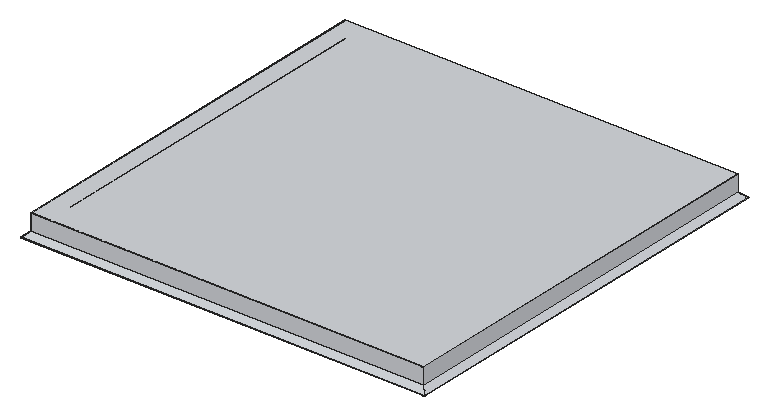
Revit family "Insulated Curb Cover", category Mechanical Equipment, Revit 2015
Parameters
  URL = "https://unitedenertech.com/catalog/pdf/M_15%20INSULATED%20CURB%20COVER.pdf"
  Type Comments = "Consult Factory for Max. Sizes"
  Model = "Insulated Curb Cover"
  Manufacturer = "United Enertech Corporation"
  Description = "Insulated Curb Cover"
  B Side Base I.D. = 3' - 0"
  A Side Base I.D. = 3' - 0"
Reference planes (in)
  plane 1 "Center (Front/Back)": y = 0
  plane 2: z = 0
  plane 3 "Center (Left/Right)": x = 0
  plane 4: x = -18
  plane 5: x = 18
  plane 6: y = -18
  plane 7: y = 18
  plane 8: x = -18.0478
  plane 9: y = -18.0478
  plane 10: x = 18.0478
  plane 11: y = 18.0478
  plane 12: z = 2
  plane 13: z = 0.5
  plane 14: z = 1.9522
  plane 15: x = -18.5478
  plane 16: y = -18.5478
  plane 17: x = 18.5478
  plane 18: y = 18.5478
  plane 19: z = 1.5772
  plane 20: y = 19.0478
  plane 21: y = -19.0478
  plane 22: x = -19.0478
  plane 23: x = 19.0478
Forms (in)
  Extrusion 1, solid
    sketch origin (0, 0, 0) x (1, 0, 0) y (0, 0, 1)
      loop
        line (-18.54622, 0.00144) -> (-18, 0.5) -> (-18, 1.9522) -> (-18.0478, 1.9522) -> (-18.0478, 0.51984) -> (-18.5794, 0.03462) -> (-18.54622, 0.00144)
    from -18.5478 to 18.5478
  Extrusion 2, solid
    sketch origin (0, 0, 0) x (-1, 0, 0) y (0, 0, -1)
      loop
        line (-18.54622, -0.00144) -> (-18.5794, -0.03462) -> (-18.0478, -0.51984) -> (-18.0478, -1.9522) -> (-18, -1.9522) -> (-18, -0.5) -> (-18.54622, -0.00144)
    from -18.5478 to 18.5478
  Extrusion 3, solid
    sketch origin (0, 0, 0) x (0, 1, 0) y (0, 0, 1)
      loop
        line (-18, 1.9522) -> (-18.0478, 1.9522) -> (-18.0478, 0.51988) -> (-18.58098, 0.03462) -> (-18.5478, 0.00144) -> (-18, 0.5) -> (-18, 1.9522)
    from -18.5478 to 18.5478
  Extrusion 4, solid
    sketch origin (0, 0, 0) x (0, -1, 0) y (0, 0, -1)
      loop
        line (-18, -1.9522) -> (-18, -0.5) -> (-18.5478, -0.00144) -> (-18.58098, -0.03462) -> (-18.0478, -0.51988) -> (-18.0478, -1.9522) -> (-18, -1.9522)
    from -18.5478 to 18.5478
  Extrusion 5, void
    sketch origin (-93.15685, -31.93875, 0) x (1, 0, 0) y (0, 1, 0)
      loop
        line (106.5478, 18.5478) -> (112.20465, 12.89095) -> (112.20465, 18.5478) -> (106.5478, 18.5478)
    from -1.29054 to 3.19849
  Extrusion 6, void
    sketch origin (-125.5956, 0.5, 0) x (1, 0, 0) y (0, 1, 0)
      loop
        line (106.5478, 18.5478) -> (112.20465, 12.89095) -> (112.20465, 18.5478) -> (106.5478, 18.5478)
    from -3.18066 to 4.14355
  Extrusion 7, void
    sketch origin (-109.38054, -28.0092, 0) x (1, 0, 0) y (0, 1, 0)
      loop
        line (117.42834, 19.9614) -> (117.42834, 8.9614) -> (128.42834, 8.9614) -> (117.42834, 19.9614)
    from -1.13303 to 3.27725
  Extrusion 8, void
    sketch origin (-136.47614, -0.9136, 0) x (1, 0, 0) y (0, 1, 0)
      loop
        line (117.42834, 19.9614) -> (117.42834, 8.9614) -> (128.42834, 8.9614) -> (117.42834, 19.9614)
    from -1.68432 to 3.74977
  Extrusion 9, void
    sketch origin (-121.30312, -30.02453, 0) x (1, 0, 0) y (0, 1, 0)
      loop
        line (109.32639, 18.0478) -> (102.25532, 18.0478) -> (102.25532, 10.97673) -> (109.32639, 18.0478)
    from -1.13303 to 3.59226
  Extrusion 10, void
    sketch origin (-90.27859, 1, 0) x (1, 0, 0) y (0, 1, 0)
      loop
        line (109.32639, 18.0478) -> (102.25532, 18.0478) -> (102.25532, 10.97673) -> (109.32639, 18.0478)
    from -1.44805 to 3.51351
  Extrusion 11, void
    sketch origin (-116.53283, -32.26123, 0) x (1, 0, 0) y (0, 1, 0)
      loop
        line (105.97031, 21.69871) -> (97.48503, 13.21343) -> (105.97031, 13.21343) -> (105.97031, 21.69871)
    from -1.3693 to 3.82853
  Extrusion 12, void
    sketch origin (-86.92251, -2.65091, 0) x (1, 0, 0) y (0, 1, 0)
      loop
        line (105.97031, 21.69871) -> (97.48503, 13.21343) -> (105.97031, 13.21343) -> (105.97031, 21.69871)
    from -0.97552 to 3.04098
  Extrusion 13, solid, material "Rigid insulation"
    sketch origin (0, 0, 0) x (1, 0, 0) y (0, 1, 0)
      loop
        line (-18, -18) -> (18, -18) -> (18, 18) -> (-18, 18) -> (-18, -18)
    from 1.5772 to 1.9522
  Extrusion 14, solid
    sketch origin (0, 0, 0) x (1, 0, 0) y (0, 1, 0)
      loop
        line (-18.0478, -18.0478) -> (18.0478, -18.0478) -> (18.0478, 18.0478) -> (-18.0478, 18.0478) -> (-18.0478, -18.0478)
    from 1.9522 to 2
Cuts and joins
  Extrusion 6, Extrusion 11 cuts Extrusion 1
  Extrusion 5, Extrusion 9 cuts Extrusion 3
  Extrusion 8, Extrusion 12 cuts Extrusion 4
  Extrusion 7, Extrusion 10 cuts Extrusion 2
Dimensions and locks (in)
  equal spacing: plane 4, plane 3 "Center (Left/Right)", plane 5
  "A Side Base I.D.": plane 4 to plane 5
  equal spacing: plane 7, plane 1 "Center (Front/Back)", plane 6
  "B Side Base I.D.": plane 7 to plane 6
  locked: plane 6 to plane 9 at 0.0478
  locked: plane 11 to plane 7 at 0.0478
  locked: plane 8 to plane 4 at 0.0478
  locked: plane 5 to plane 10 at 0.0478
  locked: plane 12 to level at 2
  locked: plane 13 to level at 0.5
  locked: plane 12 to plane 14 at 0.0478
  locked: plane 9 to plane 16 at 0.5
  locked: plane 15 to plane 8 at 0.5
  locked: plane 11 to plane 18 at 0.5
  locked: plane 10 to plane 17 at 0.5
  locked: plane 14 to plane 19 at 0.375
  locked: plane 18 to plane 20 at 0.5
  locked: plane 21 to plane 16 at 0.5
  locked: plane 22 to plane 15 at 0.5
  locked: plane 17 to plane 23 at 0.5
  locked: Extrusion 5 sketch curve to Extrusion 5 sketch curve (angle 45.00°)  (x2)
  locked: Extrusion 6 sketch curve to Extrusion 6 sketch curve (angle 45.00°)  (x2)
  locked: Extrusion 7 sketch curve to Extrusion 7 sketch curve (angle 45.00°)  (x2)
  locked: Extrusion 8 sketch curve to Extrusion 8 sketch curve (angle 45.00°)  (x2)
  locked: Extrusion 9 sketch curve to Extrusion 9 sketch curve (angle 45.00°)  (x2)
  locked: Extrusion 10 sketch curve to Extrusion 10 sketch curve (angle 45.00°)  (x2)
  locked: Extrusion 11 sketch curve to Extrusion 11 sketch curve (angle 45.00°)  (x2)
  locked: Extrusion 12 sketch curve to Extrusion 12 sketch curve (angle 45.00°)  (x2)
  aligned and locked: level to plane 2
  aligned and locked: plane 4 to Extrusion 1 sketch curve
  aligned and locked: Extrusion 1 sketch curve to plane 8
  aligned and locked: plane 14 to Extrusion 1 sketch curve
  aligned and locked: plane 13 to Extrusion 1 sketch curve
  aligned and locked: Extrusion 2 sketch curve to plane 14
  aligned and locked: plane 5 to Extrusion 2 sketch curve
  aligned and locked: plane 10 to Extrusion 2 sketch curve
  aligned and locked: plane 13 to Extrusion 2 sketch curve
  aligned and locked: Extrusion 1 to plane 18
  aligned and locked: Extrusion 1 to plane 16
  aligned and locked: Extrusion 2 to plane 16
  aligned and locked: Extrusion 2 to plane 18
  aligned and locked: plane 16 to Extrusion 3 sketch curve
  aligned and locked: plane 6 to Extrusion 3 sketch curve  (x2)
  aligned and locked: plane 13 to Extrusion 3 sketch curve
  aligned and locked: plane 9 to Extrusion 3 sketch curve
  aligned and locked: Extrusion 3 sketch curve to plane 14
  aligned and locked: Extrusion 4 sketch curve to plane 11
  aligned and locked: plane 7 to Extrusion 4 sketch curve
  aligned and locked: plane 14 to Extrusion 4 sketch curve
  aligned and locked: plane 13 to Extrusion 4 sketch curve
  aligned and locked: plane 18 to Extrusion 4 sketch curve
  aligned and locked: Extrusion 3 to plane 15
  aligned and locked: Extrusion 3 to plane 17
  aligned and locked: Extrusion 4 to plane 17
  aligned and locked: Extrusion 4 to plane 15
  aligned and locked: plane 22 to Extrusion 6 sketch curve
  aligned and locked: plane 20 to Extrusion 6 sketch curve
  aligned and locked: plane 21 to Extrusion 5 sketch curve
  aligned and locked: plane 23 to Extrusion 5 sketch curve
  aligned and locked: plane 20 to Extrusion 8 sketch curve
  aligned and locked: plane 22 to Extrusion 8 sketch curve
  aligned and locked: plane 21 to Extrusion 7 sketch curve
  aligned and locked: plane 23 to Extrusion 7 sketch curve
  aligned and locked: plane 23 to Extrusion 10 sketch curve
  aligned and locked: plane 20 to Extrusion 10 sketch curve
  aligned and locked: plane 21 to Extrusion 9 sketch curve
  aligned and locked: Extrusion 9 sketch curve to plane 22
  aligned and locked: plane 20 to Extrusion 12 sketch curve
  aligned and locked: plane 23 to Extrusion 12 sketch curve
  aligned and locked: Extrusion 11 sketch curve to plane 22
  aligned and locked: plane 21 to Extrusion 11 sketch curve
  aligned and locked: Extrusion 13 sketch curve to plane 4
  aligned and locked: plane 7 to Extrusion 13 sketch curve
  aligned and locked: plane 5 to Extrusion 13 sketch curve
  aligned and locked: Extrusion 13 sketch curve to plane 6
  aligned and locked: Extrusion 13 to plane 19
  aligned and locked: plane 14 to Extrusion 13
  aligned and locked: Extrusion 14 sketch curve to plane 8
  aligned and locked: Extrusion 14 sketch curve to plane 11
  aligned and locked: Extrusion 14 sketch curve to plane 9
  aligned and locked: Extrusion 14 sketch curve to plane 10
  aligned and locked: Extrusion 14 to plane 14
  aligned and locked: plane 12 to Extrusion 14
Automatic sketch dimensions
  plane 15 to Extrusion 1 sketch curve = 0' - 0.00158"
  Extrusion 1 sketch curve to plane 15 = 0' - 0.0316"
  level to Extrusion 1 sketch curve = 0' - 0.03462"
  level to Extrusion 1 sketch curve = 0' - 0.00144"
  plane 13 to Extrusion 1 sketch curve = 0' - 0.01984"
  Extrusion 2 sketch curve to plane 17 = 0' - 0.00158"
  plane 17 to Extrusion 2 sketch curve = 0' - 0.0316"
  Extrusion 2 sketch curve to level = 0' - 0.03462"
  Extrusion 2 sketch curve to level = 0' - 0.00144"
  Extrusion 2 sketch curve to plane 13 = 0' - 0.01984"
  Extrusion 3 sketch curve to plane 16 = 0' - 0.03318"
  level to Extrusion 3 sketch curve = 0' - 0.03462"
  level to Extrusion 3 sketch curve = 0' - 0.00144"
  plane 13 to Extrusion 3 sketch curve = 0' - 0.01988"
  plane 18 to Extrusion 4 sketch curve = 0' - 0.03318"
  Extrusion 4 sketch curve to level = 0' - 0.03462"
  Extrusion 4 sketch curve to level = 0' - 0.00144"
  Extrusion 4 sketch curve to plane 13 = 0' - 0.01988"
  Extrusion 5 sketch curve to plane 5 = 0' - 4.60905"
  plane 4 to Extrusion 6 sketch curve = 0' - 4.60905"
  plane 1 "Center (Front/Back)" to Extrusion 7 sketch curve = 0' - 8.0478"
  Extrusion 8 sketch curve to plane 1 "Center (Front/Back)" = 0' - 8.0478"
  plane 4 to Extrusion 9 sketch curve = 0' - 6.02327"
  Extrusion 10 sketch curve to plane 5 = 0' - 6.02327"
  Extrusion 11 sketch curve to Extrusion 11 sketch curve = 0' - 8.48528"
  Extrusion 12 sketch curve to plane 7 = 0' - 7 7/16"
